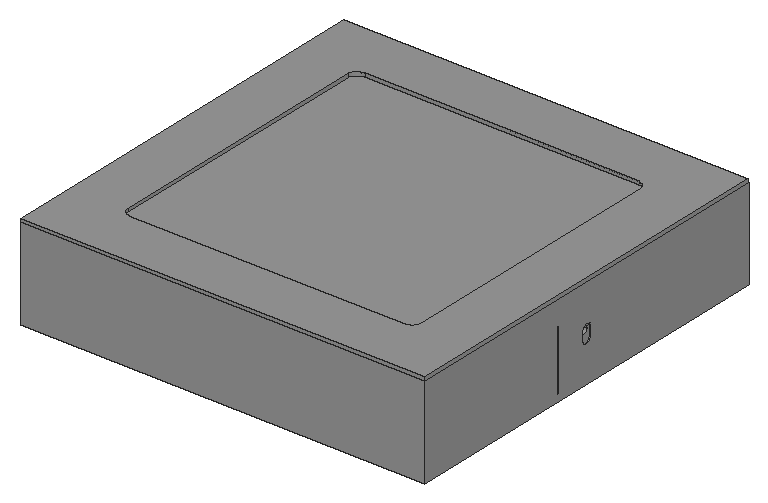
Revit family "Kanna 12W Surface mount", category Lighting Fixtures, host Face, Revit 2016
Family settings
  Host = Face
  Part Type = Normal
  Round Connector Dimension = Use Diameter
  OmniClass Number = 23.80.70.11.11
  OmniClass Title = General Luminaries, Non Directional
  Cut with Voids When Loaded = No
  Light Source = Yes
  Shared = No
  Room Calculation Point = No
Parameters (values of type "Kanna 12W Surface mount, Warm White, 230V - 02PP993L012R")
  Wattage Comments = "12W"
  Wattage = 12 W
  built-in parameter 1150110 = 1 (stored number, unit not read)
  Voltage = 230 V
  URL = "www.winled.fi"
  Type Image = Kanna 12W pinta.png
  built-in parameter 1114217 = 1 (stored number, unit not read)
  Tilt Angle = -90.00°
  built-in parameter 1150109 = 1 (stored number, unit not read)
  built-in parameter 1150134 = (empty or 0)
  built-in parameter 1150113 = 1 (stored number, unit not read)
  Product Number = "02PP993L012R"
  Position Number = ""
  Photometric Web File = "Kanna 12W LV pinta.ies"
  Operating Temperature Range = "-20° to +40°C"
  Model = "Kanna 12W Surface mount"
  Manufacturer = "Winled Oy Ltd"
  built-in parameter 1150105 = 62.395 (stored number, unit not read)
  Lumens = 784.08 lm
  built-in parameter 1150115 = 1 (stored number, unit not read)
  Lumens Output = "784lm"
  built-in parameter 1150137 = (empty or 0)
  built-in parameter 1150139 = (empty or 0)
  Lifetime L70 = "50000h"
  Last Updated = "25.2.2016"
  built-in parameter 1150112 = 1 (stored number, unit not read)
  built-in parameter 1150114 = 1 (stored number, unit not read)
  Lamp = "LED"
  built-in parameter 1150132 = (empty or 0)
  built-in parameter 1150102 = (empty or 0)
  built-in parameter 1150107 = 3000 (stored number, unit not read)
  built-in parameter 1150138 = (empty or 0)
  built-in parameter 1150106 = 0.62395 (stored number, unit not read)
  IP Code = "IP40"
  Housing Material = "Aluminium"
  built-in parameter 1150104 = 6.0703 (stored number, unit not read)
  Driver = "Separate"
  Directivity = "No"
  Dimming Lamp Color Temperature Shift = <None>
  Dimmable = "Yes"
  Dimensions = "170mm x 170mm x 40mm"
  Description = "Downlight"
  Depth = "-"
  Default Elevation = 1219.2 mm
  Cutout = "-"
  Color Temperature = "3000K"
  Color Filter = 16777215
  Casing Color = "White"
  CRI = "80"
  Beam Angle = "120°"
  built-in parameter 1114218 = 1 (stored number, unit not read)
  built-in parameter 1150133 = 10 (stored number, unit not read)
Types (3, lengths in mm): name | built-in parameter 1150134 | Product Number | Photometric Web File | built-in parameter 1150105 | Lumens | Lumens Output | built-in parameter 1150107 | built-in parameter 1150106 | built-in parameter 1150104 | Color Temperature
  (no name) | (empty or 0) | "02PP993L012R" | "Kanna 12W LV pinta.ies" | 62.395 (stored number, unit not read) | 784.08 lm | "784lm" | 3000 (stored number, unit not read) | 0.62395 (stored number, unit not read) | 6.0703 (stored number, unit not read) | "3000K"
  Kanna 12W Surface mount, Warm White, 230V - 02PP993L012R | (empty or 0) | "02PP993L012R" | "Kanna 12W LV pinta.ies" | 62.395 (stored number, unit not read) | 784.08 lm | "784lm" | 3000 (stored number, unit not read) | 0.62395 (stored number, unit not read) | 6.0703 (stored number, unit not read) | "3000K"
  Kanna 12W Surface mount, Neutral White, 230V - 02PP993N012R | 12 | "02PP993N012R" | "Kanna 12W NV pinta.ies" | 68.354 (stored number, unit not read) | 858.96 lm | "859lm" | 4000 (stored number, unit not read) | 0.68354 (stored number, unit not read) | 6.65 (stored number, unit not read) | "4000K"
Reference planes
  plane 1 "Center (Front/Back)": y = 0
  plane 2: z = 0
  plane 3 "Center (Left/Right)": x = 0
Lines and regions (mm)
  symbolic lines
    curve 1: line (-85, -85, 0) -> (-85, 85, 0)
    curve 2: line (-85, 85, 0) -> (85, 85, 0)
    curve 3: line (85, 85, 0) -> (85, -85, 0)
    curve 4: line (85, -85, 0) -> (-85, -85, 0)
    curve 5: line (85, 85, 0) -> (-85, -85, 0)
    curve 6: line (-85, 85, 0) -> (85, -85, 0)
Dimensions and locks
  aligned and locked: plane 2 to host face
  aligned and locked: level to host face
Nested families
  nested 1: "Kanna 12W pinta malli" at (0, 0, 0), type "Kanna 12W pinta malli"
Connectors
  electrical at (0, 0, 0), driven by "Voltage"
    settings: on nested 1, index 1, voltage 230 V, apparent load 0 VA, apparent load phase1 12 VA, apparent load phase2 0 VA, apparent load phase3 0 VA, power factor 1, load classification "Lighting", number of poles 1, system type 31, power factor state 1, is connector primary yes, connector utility no, sub classification motor no, connector description ""
Definition of nested family "Kanna 12W pinta malli"
  Reference planes
    plane 1 "Center (Front/Back)": y = 0
    plane 2: z = 0
    plane 3 "Center (Left/Right)": x = 0
  Forms (mm)
    Extrusion 1, solid
      sketch origin (0, 0, 0) x (1, 0, 0) y (0, 1, 0)
        loop
          line (85, 85) -> (-85, 85) -> (-85, -85) -> (85, -85) -> (85, 85)
      from 38.6 to 40
    Extrusion 2, solid
      sketch origin (0, 0, 0) x (1, 0, 0) y (0, 1, 0)
        loop
          line (-85, 85) -> (-85, -85) -> (85, -85) -> (85, 85) -> (-85, 85)
        loop
          line (84.047, 84.1) -> (-84.047, 84.1) -> (-84.047, 12.55) -> (-81.921, 12.55)
          arc (-81.921, 12.55) -> (-78.047, 11.85) -> (-81.921, 11.15) r 2
          line (-81.921, 11.15) -> (-84.047, 11.15) -> (-84.047, -11.15) -> (-81.921, -11.15)
          arc (-81.921, -11.15) -> (-78.047, -11.85) -> (-81.921, -12.55) r 2
          line (-81.921, -12.55) -> (-84.047, -12.55) -> (-84.047, -84.1) -> (84.047, -84.1) -> (84.047, -12.55) -> (81.921, -12.55)
          arc (81.921, -12.55) -> (78.047, -11.85) -> (81.921, -11.15) r 2
          line (81.921, -11.15) -> (84.047, -11.15) -> (84.047, 11.15) -> (81.921, 11.15)
          arc (81.921, 11.15) -> (78.047, 11.85) -> (81.921, 12.55) r 2
          line (81.921, 12.55) -> (84.047, 12.55) -> (84.047, 84.1)
      from 38.6 to 0
    Extrusion 3, solid
      sketch origin (0, 0, 0) x (1, 0, 0) y (0, 1, 0)
        loop
          line (66.1, 72.1) -> (-66.1, 72.1)
          arc (-66.1, 72.1) -> (-70.343, 70.343) -> (-72.1, 66.1) r 6
          line (-72.1, 66.1) -> (-72.1, -66.134)
          arc (-72.1, -66.134) -> (-70.318, -70.353) -> (-66.1, -72.1) r 5.966
          line (-66.1, -72.1) -> (66.742, -72.1)
          arc (66.742, -72.1) -> (70.564, -70.144) -> (72.1, -66.134) r 6
          line (72.1, -66.134) -> (72.1, 66.1)
          arc (72.1, 66.1) -> (70.343, 70.343) -> (66.1, 72.1) r 6
      from 38.6 to 28.7
    Extrusion 4, void
      sketch origin (0, 0, 0) x (1, 0, 0) y (0, 1, 0)
        loop
          line (57.6, 61.6) -> (-57.6, 61.6)
          arc (-57.6, 61.6) -> (-60.428, 60.428) -> (-61.6, 57.6) r 4
          line (-61.6, 57.6) -> (-61.6, -57.6)
          arc (-61.6, -57.6) -> (-60.428, -60.428) -> (-57.6, -61.6) r 4
          line (-57.6, -61.6) -> (57.617, -61.6)
          arc (57.617, -61.6) -> (60.433, -60.417) -> (61.6, -57.6) r 3.983
          line (61.6, -57.6) -> (61.6, 57.6)
          arc (61.6, 57.6) -> (60.428, 60.428) -> (57.6, 61.6) r 4
      from 38.6 to 40
    Extrusion 5, void
      sketch origin (0, 0, 0) x (0, 1, 0) y (0, 0, 1)
        loop
          arc (-2.3, 17.3) -> (0, 15) -> (2.3, 17.3) r 2.3
          line (2.3, 17.3) -> (2.3, 20.7)
          arc (2.3, 20.7) -> (0, 23) -> (-2.3, 20.7) r 2.3
          line (-2.3, 20.7) -> (-2.3, 17.3)
      from 84.047 to 85
    Extrusion 6, void
      sketch origin (0, 0, 0) x (0, 1, 0) y (0, 0, -1)
        loop
          line (-2.3, -17.3) -> (-2.3, -20.7)
          arc (-2.3, -20.7) -> (0, -23) -> (2.3, -20.7) r 2.3
          line (2.3, -20.7) -> (2.3, -17.3)
          arc (2.3, -17.3) -> (0, -15) -> (-2.3, -17.3) r 2.3
      from 84.047 to 85
    Extrusion 7, solid, detail levels fine
      sketch origin (0, 0, 0) x (1, 0, 0) y (0, 1, 0)
        loop
          line (-84.047, 9.8) -> (-84.047, -9.8) -> (-28.354, -9.8)
          arc (-28.354, -9.8) -> (0, -30) -> (28.354, -9.8) r 30
          line (28.354, -9.8) -> (84.047, -9.8) -> (84.047, 9.8) -> (28.354, 9.8)
          arc (28.354, 9.8) -> (0, 30) -> (-28.354, 9.8) r 30
          line (-28.354, 9.8) -> (-84.047, 9.8)
        loop
          circle (0, 0) r 7.4
        loop
          circle (0, 24) r 2.55
        loop
          circle (0, -24) r 2.55
        loop
          arc (-60.8, 2.3) -> (-63.1, 0) -> (-60.8, -2.3) r 2.3
          line (-60.8, -2.3) -> (-50.7, -2.3)
          arc (-50.7, -2.3) -> (-48.4, 0) -> (-50.7, 2.3) r 2.3
          line (-50.7, 2.3) -> (-60.8, 2.3)
        loop
          line (60.8, 2.3) -> (50.7, 2.3)
          arc (50.7, 2.3) -> (48.4, 0) -> (50.7, -2.3) r 2.3
          line (50.7, -2.3) -> (60.8, -2.3)
          arc (60.8, -2.3) -> (63.1, 0) -> (60.8, 2.3) r 2.3
      from 1.4 to 0
    Extrusion 8, solid, detail levels fine
      sketch origin (0, 0, 0) x (0, 1, 0) y (0, 0, 1)
        loop
          line (9.8, 0) -> (9.8, 20.8)
          arc (9.8, 20.8) -> (0, 30.6) -> (-9.8, 20.8) r 9.8
          line (-9.8, 20.8) -> (-9.8, 0) -> (9.8, 0)
        loop
          circle (0, 20) r 1.715
      from 82.6 to 84.047
    Extrusion 9, solid, detail levels fine
      sketch origin (0, 0, 0) x (0, 1, 0) y (0, 0, -1)
        loop
          line (9.8, 0) -> (-9.8, 0) -> (-9.8, -20.8)
          arc (-9.8, -20.8) -> (0, -30.6) -> (9.8, -20.8) r 9.8
          line (9.8, -20.8) -> (9.8, 0)
        loop
          circle (0, -20) r 1.715
      from 82.6 to 84.047
  Cuts and joins
    Extrusion 4 cuts Extrusion 1
    Extrusion 4 cuts Extrusion 3
    Extrusion 5, Extrusion 6 cuts Extrusion 2
  Dimensions and locks
    aligned and locked: level to plane 2
